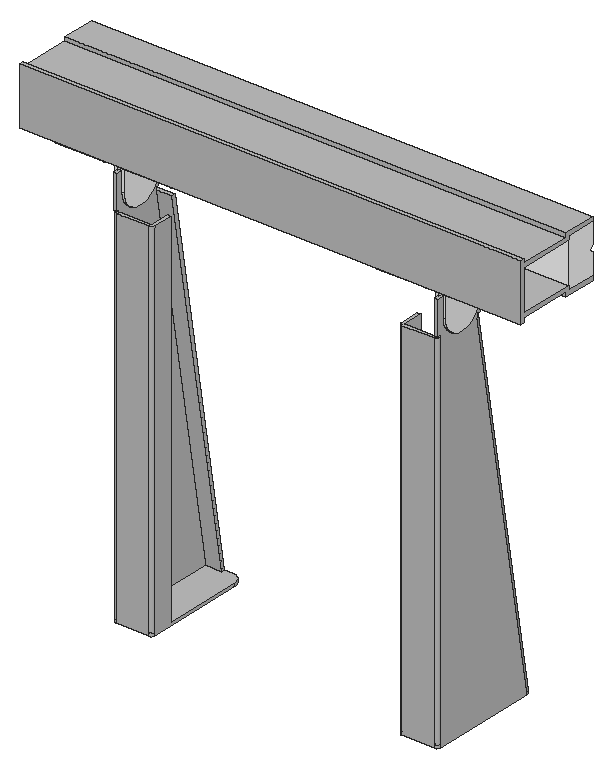
Revit family "4070742+4070746+4070772 Feilo Sylvania Lighting Fixture CURSUS 306MM 218LM OVAL LED 4K with CONTINUOUS WALL HOUSING with 250MM WALL BRACKET", category Lighting Fixtures, host Face, Revit 2017
Family settings
  Host = Face
  Round Connector Dimension = Use Diameter
  Part Type = Normal
  OmniClass Number = 23.80.70.14
  OmniClass Title = Luminaries for External Lighting
  Cut with Voids When Loaded = Yes
  Light Source = No
  Shared = No
  Room Calculation Point = No
Parameters (values of type "4070742 CURSUS 306MM 218LM OVAL LED 4K")
  Weight = "0.6 kg"
  Wattage Comments = "n/a"
  WarrantyStartDate [instance] = "n/a"
  WarrantyGuarantorParts = "n/a"
  WarrantyDurationUnit = "n/a"
  WarrantyDurationParts = "n/a"
  WarrantyDescription = "n/a"
  Voltage = 24 V
  URL = "http://www.sylvania-lighting.com"
  TypeName = "CURSUS 306MM 218LM OVAL LED 4K"
  TypeFixture_FEILO = CURSUS with CONTINUOUS WALL HOUSING : CURSUS 306MM 218LM OVAL LED 4K
  Type Image = <None>
  Type Comments = "n/a"
  TiltAngle [instance] = 0.00°
  StartAngle [instance] = TiltAngle + 270.00°  # 270.00°
  SerialNumber [instance] = "n/a"
  ReflectorMaterial = none
  PowerFactor = 0
  PowerConsumption = "4.5 W"
  NominalLength = 306 mm
  NominalHeight = 50 mm
  NominalDepth = 30 mm
  Name = "CURSUS 306MM 218LM OVAL LED 4K"
  ModelReference = Name  # "CURSUS 306MM 218LM OVAL LED 4K"
  ModelNumber = "4070742"
  Model = Name  # "CURSUS 306MM 218LM OVAL LED 4K"
  Material = "natural anodised extruded aluminium structure housing, optical system with pmma lenses diffuser"
  ManufacturerName = "Feilo Sylvania"
  Manufacturer = "Feilo Sylvania"
  LuminousEfficacy = "48.44 lm/W"
  LuminaireType = ""
  LightOutputRatio = "100"
  LampsType = Lamp  # "LED"
  LampNominalLuminous = "218 lm"
  LampMacAdamStep = "n/a"
  LampColourTemperature = "4000 K"
  LampColourRenderingIndex = "80"
  Lamp = "LED"
  Keynote = "16500"
  InstallationDate [instance] = "n/a"
  InputVoltage = "24V DC"
  InputNominalFrequency = "n/a"
  IngressProtection = "IP67"
  ImpactProtectionIndex = "IK07"
  IfcExportType = "IfcLightFixtureType"
  IfcExportAs = "IfcLightFixtureType"
  ExpectedLife = 50000
  EndAngle [instance] = StartAngle - 180.00°  # 90.00°
  ElectricShockClassification = "Class III"
  DurationUnit = "hours"
  DocumentationLiterature = "http://www.sylvania-lighting.com/product/en-int/products/4070742"
  DimmingControlOptions = "n/a"
  DiffuserMaterial = Diffuser-Sylvania-Glow
  Description = "LED Exterior Lighting Recessed Surface Mounted Linear Fixture, Natural anodised extruded aluminium structure. Die-cast aluminium end caps. Installation kit with harmonic steel springs., 218 lm, 4,5W,  48lm/W, 4000K, CRI80+,non dimmable,IP67, IK07, (HxWxD) 306x50x30mm, 3 step Mac Adam Ellipse, 0.6kg,, Classe III, 21-25V-DC, energy class : A++, A+, A"
  Default Elevation = 1219.2 mm
  CreatedOn = "1/8/2018"
  CreatedBy = ""
  Cost = 0
  built-in parameter 1114216 [instance] = (empty or 0)
  ClassificationValue = "EF_70_80"
  ClassificationName = "Uniclass2015"
  BracketWidth = 24 mm
  BracketThickness = 2 mm
  BracketHeightEnd = 32 mm
  BracketHeight = 70 mm
  BracketFlange = BracketHeight / 5  # 14 mm
  BracketExtension = 250 mm
  BracketEndReduction = 25 mm
  BracketC = 22 mm  # constant formula
  BracketDistance = 175 mm
  BracketD = BracketHeightEnd - (BracketC * (BracketHeight - BracketHeightEnd) / (BracketExtension - BracketEndReduction))  # 28.284 mm
  BodyMaterial = Body-Sylvania-Gray
  BarCode [instance] = "n/a"
  AssetType = "Fixed"
  AssetIdentifier [instance] = "n/a"
  Assembly Code = "D5020200"
  Apparent Load = 4.5 VA
  AccessoryMaterial = Diffuser-Sylvania-Glow
Reference planes
  plane 1 "Center (Front/Back)": y = 0
  plane 2: z = 0
  plane 3 "Center (Left/Right)": x = 0
  plane 4: x = -99.5
  plane 5: x = 99.5
  plane 6: y = 70
  plane 7: x = -75.5
  plane 8: x = 75.5
  plane 9: z = 250
  plane 10: z = 236
  plane 11: z = 2
  plane 12: z = 225
  plane 13: x = -97.5
  plane 14: y = 68
  plane 15: y = 2
  plane 16: x = -77.5
  plane 17: x = 77.5
  plane 18: x = 97.5
  plane 19: x = -87.5
  plane 20: x = 87.5
  plane 21: y = 14
  plane 22: y = 32
  plane 23: y = 30
  plane 24: z = 247
  plane 25: y = 28.284
  plane 26: y = 16
Forms (mm)
  Blend 1, solid, material "Body-Sylvania-Gray" <- "BodyMaterial"
    base sketch origin (1223.4, -4572, 2) x (0, -1, 0) y (1, 0, 0)
      loop
        line (-4640, -1310.9) -> (-4642, -1310.9) -> (-4642, -1320.9)
        arc (-4642, -1320.9) -> (-4641.414, -1322.314) -> (-4640, -1322.9) r 2
        line (-4640, -1322.9) -> (-4574, -1322.9)
        arc (-4574, -1322.9) -> (-4572.586, -1322.314) -> (-4572, -1320.9) r 2
        line (-4572, -1320.9) -> (-4572, -1300.9)
        arc (-4572, -1300.9) -> (-4572.586, -1299.486) -> (-4574, -1298.9) r 2
        line (-4574, -1298.9) -> (-4586, -1298.9) -> (-4586, -1300.9) -> (-4574, -1300.9) -> (-4574, -1320.9) -> (-4640, -1320.9) -> (-4640, -1310.9)
    top sketch origin (1223.4, -4572, 2) x (0, -1, 0) y (1, 0, 0)
      loop
        line (-4586, -1300.9) -> (-4574, -1300.9) -> (-4574, -1320.9) -> (-4602, -1320.9) -> (-4602, -1310.9) -> (-4604, -1310.9) -> (-4604, -1320.9)
        arc (-4604, -1320.9) -> (-4603.52, -1322.21) -> (-4602.309, -1322.9) r 2.028
        line (-4602.309, -1322.9) -> (-4574, -1322.9)
        arc (-4574, -1322.9) -> (-4572.586, -1322.314) -> (-4572, -1320.9) r 2
        line (-4572, -1320.9) -> (-4572, -1300.9)
        arc (-4572, -1300.9) -> (-4572.586, -1299.486) -> (-4574, -1298.9) r 2
        line (-4574, -1298.9) -> (-4586, -1298.9) -> (-4586, -1300.9)
    from 0 to 223
  Extrusion 2, solid, material "Body-Sylvania-Gray" <- "BodyMaterial"
    sketch origin (0, 0, 0) x (1, 0, 0) y (0, 1, 0)
      loop
        arc (-97.5, 70) -> (-98.914, 69.414) -> (-99.5, 68) r 2
        line (-99.5, 68) -> (-99.5, 2)
        arc (-99.5, 2) -> (-98.914, 0.586) -> (-97.5, 0) r 2
        line (-97.5, 0) -> (-77.5, 0)
        arc (-77.5, 0) -> (-76.086, 0.586) -> (-75.5, 2) r 2
        line (-75.5, 2) -> (-75.5, 62.5)
        arc (-75.5, 62.5) -> (-77.697, 67.803) -> (-83, 70) r 7.5
        line (-83, 70) -> (-97.5, 70)
      loop
        line (97.5, 70) -> (83, 70)
        arc (83, 70) -> (77.697, 67.803) -> (75.5, 62.5) r 7.5
        line (75.5, 62.5) -> (75.5, 2)
        arc (75.5, 2) -> (76.086, 0.586) -> (77.5, 0) r 2
        line (77.5, 0) -> (97.5, 0)
        arc (97.5, 0) -> (98.914, 0.586) -> (99.5, 2) r 2
        line (99.5, 2) -> (99.5, 68)
        arc (99.5, 68) -> (98.914, 69.414) -> (97.5, 70) r 2
    from 0 to 2
  Blend 3, solid, material "Body-Sylvania-Gray" <- "BodyMaterial"
    base sketch origin (1223.4, -4572, 2) x (0, -1, 0) y (1, 0, 0)
      loop
        line (-4640, -1125.9) -> (-4574, -1125.9) -> (-4574, -1145.9) -> (-4586, -1145.9) -> (-4586, -1147.9) -> (-4574, -1147.9)
        arc (-4574, -1147.9) -> (-4572.586, -1147.314) -> (-4572, -1145.9) r 2
        line (-4572, -1145.9) -> (-4572, -1125.9)
        arc (-4572, -1125.9) -> (-4572.586, -1124.486) -> (-4574, -1123.9) r 2
        line (-4574, -1123.9) -> (-4640, -1123.9)
        arc (-4640, -1123.9) -> (-4641.414, -1124.486) -> (-4642, -1125.9) r 2
        line (-4642, -1125.9) -> (-4642, -1135.9) -> (-4640, -1135.9) -> (-4640, -1125.9)
    top sketch origin (1223.4, -4572, 2) x (0, -1, 0) y (1, 0, 0)
      loop
        line (-4602, -1135.9) -> (-4602, -1125.9) -> (-4574, -1125.9) -> (-4574, -1145.9) -> (-4586, -1145.9) -> (-4586, -1147.9) -> (-4574, -1147.9)
        arc (-4574, -1147.9) -> (-4572.586, -1147.314) -> (-4572, -1145.9) r 2
        line (-4572, -1145.9) -> (-4572, -1125.9)
        arc (-4572, -1125.9) -> (-4572.586, -1124.486) -> (-4574, -1123.9) r 2
        line (-4574, -1123.9) -> (-4602, -1123.9)
        arc (-4602, -1123.9) -> (-4603.414, -1124.486) -> (-4604, -1125.9) r 2
        line (-4604, -1125.9) -> (-4604, -1135.9) -> (-4602, -1135.9)
    from 0 to 223
  Blend 4, solid, material "Body-Sylvania-Gray" <- "BodyMaterial"
    base sketch origin (1223.4, -4572, 225) x (0, -1, 0) y (1, 0, 0)
      loop
        line (-4604, -1322.9) -> (-4572, -1322.9) -> (-4572, -1320.9) -> (-4604, -1320.9) -> (-4604, -1322.9)
    top sketch origin (1223.4, -4572, 225) x (0, -1, 0) y (1, 0, 0)
      loop
        line (-4572, -1322.9) -> (-4572, -1320.9) -> (-4600.284, -1320.9) -> (-4600.284, -1322.9) -> (-4572, -1322.9)
    from 0 to 22
  Blend 5, solid, material "Body-Sylvania-Gray" <- "BodyMaterial"
    base sketch origin (1223.4, -4572, 225) x (0, -1, 0) y (1, 0, 0)
      loop
        line (-4604, -1125.9) -> (-4572, -1125.9) -> (-4572, -1123.9) -> (-4604, -1123.9) -> (-4604, -1125.9)
    top sketch origin (1223.4, -4572, 225) x (0, -1, 0) y (1, 0, 0)
      loop
        line (-4572, -1123.9) -> (-4600.284, -1123.9) -> (-4600.284, -1125.9) -> (-4572, -1125.9) -> (-4572, -1123.9)
    from 0 to 22
  Extrusion 6, void
    sketch origin (0, 0, 0) x (0, 1, 0) y (0, 0, 1)
      loop
        line (0, 225) -> (2, 225) -> (2, 226.5) -> (0, 226.5) -> (0, 225)
      loop
        line (32, 225) -> (32, 226.5) -> (30, 226.5) -> (30, 225) -> (32, 225)
    from -99.5 to 99.5
  Revolve 7, solid, not visible
    sketch origin (1524, 16, 1219.2) x (1, 0, 0) y (0, 0, 1)
      loop
        line (-1524, -972.2) -> (-1524, -983.2) -> (-1436.5, -983.2) -> (-1436.5, -972.2) -> (-1524, -972.2)
      axis (-1436.5, -983.2) -> (-1524, -983.2)
    angle from 270 <- "StartAngle" to 90 <- "EndAngle"
Cuts and joins
  Extrusion 6 cuts Blend 4
  Extrusion 6 cuts Blend 5
  joined: Blend 1, Extrusion 2, Blend 3, Blend 4, Blend 5
Lines and regions (mm)
  reference lines, not visible
    curve 1: line (-75.5, 16, 236) -> (75.5, 16, 236)
Dimensions and locks
  equal spacing: plane 4, plane 3 "Center (Left/Right)", plane 5
  "BracketDistance": plane 19 to plane 20
  "BracketHeight": plane 1 "Center (Front/Back)" to plane 6
  equal spacing: plane 7, plane 3 "Center (Left/Right)", plane 8
  "BracketWidth": plane 4 to plane 7
  "BracketExtension": plane 9 to plane 2
  "BracketThickness": plane 11 to plane 2
  "BracketEndReduction": plane 9 to plane 12
  equal spacing: plane 13, plane 3 "Center (Left/Right)", plane 18
  equal spacing: plane 16, plane 3 "Center (Left/Right)", plane 17
  "BracketThickness": plane 4 to plane 13
  "BracketThickness": plane 16 to plane 7
  "BracketThickness": plane 14 to plane 6
  "BracketThickness": plane 1 "Center (Front/Back)" to plane 15
  equal spacing: plane 4, plane 19, plane 7
  equal spacing: plane 8, plane 20, plane 5
  "BracketFlange": plane 1 "Center (Front/Back)" to plane 21
  "BracketHeightEnd": plane 1 "Center (Front/Back)" to plane 22
  "BracketThickness": plane 23 to plane 22
  locked: Extrusion 2 sketch curve to plane 7 at 7.5
  locked: Extrusion 2 sketch curve to plane 6 at 7.5  (x2)
  locked: plane 8 to Extrusion 2 sketch curve at 7.5
  "BracketC": plane 24 to plane 12
  "BracketD": plane 1 "Center (Front/Back)" to plane 25
  locked: plane 12 to Extrusion 6 sketch curve at 1.5
  equal spacing: plane 24, plane 10, plane 12
  equal spacing: plane 1 "Center (Front/Back)", plane 26, plane 22
  aligned and locked: plane 2 to host face
  aligned and locked: level to host face
  aligned and locked: plane 4 to Blend 1 sketch curve  (x2)
  aligned and locked: plane 13 to Blend 1 sketch curve  (x3)
  aligned and locked: Blend 1 sketch curve to plane 15
  aligned and locked: Blend 1 sketch curve to plane 16
  aligned and locked: Blend 1 sketch curve to plane 21
  aligned and locked: plane 7 to Blend 1 sketch curve
  aligned and locked: plane 16 to Blend 1 sketch curve
  aligned and locked: plane 1 "Center (Front/Back)" to Blend 1 sketch curve
  aligned and locked: plane 14 to Blend 1 sketch curve
  aligned and locked: Blend 1 sketch curve to var sketch  (x6)
  aligned and locked: Blend 1 sketch curve to plane 19
  aligned and locked: Blend 1 sketch curve to plane 22
  aligned and locked: plane 23 to Blend 1 sketch curve
  aligned and locked: plane 11 to Blend 1
  aligned and locked: Extrusion 2 sketch curve to Blend 1  (x3)
  aligned and locked: Extrusion 2 to level
  aligned and locked: Extrusion 2 to plane 11
  aligned and locked: Extrusion 2 sketch curve to plane 7
  aligned and locked: plane 18 to Blend 3 sketch curve  (x4)
  aligned and locked: plane 14 to Blend 3 sketch curve  (x2)
  aligned and locked: Blend 3 sketch curve to plane 20
  aligned and locked: Blend 3 sketch curve to plane 6
  aligned and locked: plane 5 to Blend 3 sketch curve
  aligned and locked: plane 1 "Center (Front/Back)" to Blend 3 sketch curve
  aligned and locked: plane 15 to Blend 3 sketch curve  (x2)
  aligned and locked: Blend 3 sketch curve to plane 8
  aligned and locked: Blend 3 sketch curve to plane 21
  aligned and locked: plane 17 to Blend 3 sketch curve
  aligned and locked: Blend 3 sketch curve to plane 18
  aligned and locked: plane 20 to Blend 3 sketch curve  (x2)
  aligned and locked: Blend 3 sketch curve to plane 23
  aligned and locked: Blend 3 sketch curve to var sketch  (x8)
  aligned and locked: var sketch to Blend 3 sketch curve
  aligned and locked: plane 22 to Blend 3 sketch curve
  aligned and locked: plane 11 to Blend 3
  aligned and locked: Extrusion 2 sketch curve to Blend 3  (x4)
  aligned and locked: Blend 1 to plane 12
  aligned and locked: Blend 3 to plane 12
  aligned and locked: Blend 4 sketch curve to plane 22
  aligned and locked: Blend 4 sketch curve to cut or joined group of Blend 1, Extrusion 2, Blend 3, Blend 4, Blend 5, Extrusion 6  (x2)
  aligned and locked: cut or joined group of Blend 1, Extrusion 2, Blend 3, Blend 4, Blend 5, Extrusion 6 to Blend 4 sketch curve
  aligned and locked: Blend 4 sketch curve to var sketch  (x2)
  aligned and locked: Blend 4 sketch curve to plane 13
  aligned and locked: Blend 4 to plane 24
  aligned and locked: Blend 4 sketch curve to plane 25
  aligned and locked: Blend 5 sketch curve to plane 18  (x2)
  aligned and locked: plane 1 "Center (Front/Back)" to Blend 5 sketch curve
  aligned and locked: plane 5 to Blend 5 sketch curve
  aligned and locked: plane 22 to Blend 5 sketch curve
  aligned and locked: Blend 5 sketch curve to var sketch
  aligned and locked: var sketch to Blend 5 sketch curve
  aligned and locked: Blend 5 sketch curve to plane 25
  aligned and locked: Blend 5 to plane 24
  aligned and locked: plane 12 to Blend 5
  aligned and locked: Extrusion 6 sketch curve to cut or joined group of Blend 1, Extrusion 2, Blend 3, Blend 4, Blend 5, Extrusion 6  (x2)
  aligned and locked: Extrusion 6 sketch curve to Extrusion 6 sketch curve
  aligned and locked: Extrusion 6 sketch curve to plane 15
  aligned and locked: plane 5 to Extrusion 6
  aligned and locked: Extrusion 6 to plane 4
  aligned and locked: Extrusion 6 sketch curve to plane 23
  aligned and locked: Revolve 7 sketch curve to plane 10  (x2)
  aligned and locked: plane 24 to Revolve 7 sketch curve
  aligned and locked: plane 3 "Center (Left/Right)" to Revolve 7 sketch curve
  aligned and locked: Revolve 7 sketch curve to plane 20
  aligned and locked: plane 7 to curve 1
  aligned and locked: plane 10 to curve 1
  aligned and locked: nested 1 to plane 5
  aligned and locked: nested 2 to plane 4
  aligned and locked: nested 1 to curve 1
  aligned and locked: nested 2 to curve 1
  aligned and locked: nested 3 to plane 3 "Center (Left/Right)"
  aligned and locked: nested 1 to nested 3
Automatic sketch dimensions
  host sketch curve to host sketch curve = 2438.4 mm  (x2)
  Blend 1 sketch curve to plane 13 = 0 mm
  plane 15 to Blend 1 sketch curve = 0 mm  (x3)
  Blend 1 sketch curve to plane 23 = 0.309 mm
  plane 6 to Blend 1 sketch curve = 0 mm
  plane 14 to Blend 1 sketch curve = 0 mm
  Blend 1 sketch curve to plane 19 = 0 mm
  Blend 3 sketch curve to plane 17 = 0 mm
  Extrusion 6 sketch curve to plane 1 "Center (Front/Back)" = 0 mm
  plane 12 to Extrusion 6 sketch curve = 0 mm
  Revolve 7 sketch curve to plane 4 = 1153 mm
  plane 5 to Revolve 7 sketch curve = 1161.4 mm
  curve 1 to plane 8 = 0 mm
Nested families
  nested 1: "MountingPlate" at (98.5, 16, 236) x (-1, 0, 0) z (0, 0, 1), type "MountingPlate"
  nested 2: "MountingPlate" at (-98.5, 16, 236) x (-1, 0, 0) z (0, 0, 1), type "MountingPlate"
  nested 3: "CURSUS with CONTINUOUS WALL HOUSING" at (0, -4, 254) x (-1, 0, 0) z (0, 0, 1), type <- "TypeFixture_FEILO", type "CURSUS 306MM 218LM OVAL LED 4K"
    with WarrantyStartDate "n/a", SerialNumber "n/a", InstallationDate "n/a", EndCapRight no, EndCapLeft no, built-in parameter 1114216 (empty or 0), BarCode "n/a", AssetIdentifier "n/a"
Connectors
  electrical at (0, 0, 0), driven by "Voltage", driven by "Apparent Load", driven by "PowerFactor"
    settings: index 1, voltage 24 V, apparent load 4.5 VA, apparent load phase1 0 VA, apparent load phase2 0 VA, apparent load phase3 0 VA, power factor 0, load classification "Other", number of poles 1, system type 30, power factor state 1, is connector primary yes, connector utility no, sub classification motor no, connector description ""
Definition of nested family "MountingPlate"
  Parameters (values of type "MountingPlate")
    URL = "http://www.feilosylvania.com"
    Type Comments = "n/a"
    ReflectorMaterial = none
    MountingPlateWidth = 76 mm
    MountingPlateThickness = 2 mm
    MountingPlateRadiusBack = 12 mm
    MountingPlateRadius = 3 mm
    MountingPlateHeight = 35 mm
    Model = "n/a"
    Manufacturer = "Feilo Sylvania"
    Keynote = "n/a"
    DiffuserMaterial = none
    Description = "n/a"
    Default Elevation = 1219.2 mm
    Cost = 0
    BodyMaterial = none
    Assembly Code = "n/a"
    AccessoryMaterial = none
  Reference planes
    plane 1 "Center (Front/Back)": y = 0
    plane 2: z = 0
    plane 3 "Center (Left/Right)": x = 0
    plane 4: x = -38
    plane 5: x = 38
    plane 6: y = 17.5
    plane 7: y = -17.5
    plane 8: x = -3
    plane 9: x = 3
    plane 10: z = 18
    plane 11: z = 16
    plane 12: y = 12.5
    plane 13: y = -12.5
    plane 14: x = -1
    plane 15: x = 1
    plane 16: z = -12.5
    plane 17: z = -14.5
  Forms (mm)
    Extrusion 1, solid
      sketch origin (1.653, 0, 0) x (1, 0, 0) y (0, 1, 0)
        loop
          line (-1219.2, 1219.2) -> (-1219.2, -1219.2) -> (1219.2, -1219.2) -> (1219.2, 1219.2) -> (-1219.2, 1219.2)
      from 0 to -304.8
    Extrusion 2, solid, material <- "BodyMaterial"
      sketch origin (1218.4, -4572, 16) x (0, -1, 0) y (-1, 0, 0)
        loop
          line (-4589.5, 1253.4) -> (-4589.5, 1224.4)
          arc (-4589.5, 1224.4) -> (-4588.621, 1222.279) -> (-4586.5, 1221.4) r 3
          line (-4586.5, 1221.4) -> (-4557.5, 1221.4)
          arc (-4557.5, 1221.4) -> (-4555.379, 1222.279) -> (-4554.5, 1224.4) r 3
          line (-4554.5, 1224.4) -> (-4554.5, 1253.4)
          arc (-4554.5, 1253.4) -> (-4555.379, 1255.521) -> (-4557.5, 1256.4) r 3
          line (-4557.5, 1256.4) -> (-4586.5, 1256.4)
          arc (-4586.5, 1256.4) -> (-4588.621, 1255.521) -> (-4589.5, 1253.4) r 3
        loop
          arc (-4589.5, 1183.4) -> (-4588.621, 1181.279) -> (-4586.5, 1180.4) r 3
          line (-4586.5, 1180.4) -> (-4557.5, 1180.4)
          arc (-4557.5, 1180.4) -> (-4555.379, 1181.279) -> (-4554.5, 1183.4) r 3
          line (-4554.5, 1183.4) -> (-4554.5, 1212.4)
          arc (-4554.5, 1212.4) -> (-4555.379, 1214.521) -> (-4557.5, 1215.4) r 3
          line (-4557.5, 1215.4) -> (-4586.5, 1215.4)
          arc (-4586.5, 1215.4) -> (-4588.621, 1214.521) -> (-4589.5, 1212.4) r 3
          line (-4589.5, 1212.4) -> (-4589.5, 1183.4)
      from 0 to -2
    Extrusion 3, solid, material <- "BodyMaterial"
      sketch origin (0, 0, 0) x (1, 0, 0) y (0, 0, 1)
        loop
          line (-3, 18) -> (-3, -12.5) -> (-1, -12.5) -> (-1, 16)
          arc (-1, 16) -> (-1.586, 17.414) -> (-3, 18) r 2
        loop
          line (3, -12.5) -> (3, 18)
          arc (3, 18) -> (1.586, 17.414) -> (1, 16) r 2
          line (1, 16) -> (1, -12.5) -> (3, -12.5)
      from -12.5 to 12.5
    Extrusion 4, void
      sketch origin (0, 0, 0) x (0, 1, 0) y (0, 0, 1)
        loop
          line (-12.5, -0.5) -> (-17.5, -0.5) -> (-17.5, -14.5) -> (-0.5, -14.5) -> (-0.5, -12.5)
          arc (-0.5, -12.5) -> (-8.985, -8.985) -> (-12.5, -0.5) r 12
        loop
          line (0.5, -12.5) -> (0.5, -14.5) -> (17.5, -14.5) -> (17.5, -0.5) -> (12.5, -0.5)
          arc (12.5, -0.5) -> (8.985, -8.985) -> (0.5, -12.5) r 12
      from -3 to 3
  Cuts and joins
    Extrusion 4 cuts Extrusion 2
    Extrusion 4 cuts Extrusion 3
    joined: Extrusion 2, Extrusion 3
  Lines and regions (mm)
    reference lines
      curve 1: line (-38, 0, 0) -> (38, 0, 0)
  Dimensions and locks
    equal spacing: plane 4, plane 3 "Center (Left/Right)", plane 5
    "MountingPlateWidth": plane 4 to plane 5
    equal spacing: plane 7, plane 1 "Center (Front/Back)", plane 6
    "MountingPlateHeight": plane 7 to plane 6
    equal spacing: plane 8, plane 3 "Center (Left/Right)", plane 9
    "MountingPlateHeight": plane 4 to plane 8
    locked: plane 10 to plane 2 at 18
    "MountingPlateThickness": plane 10 to plane 11
    equal spacing: plane 13, plane 1 "Center (Front/Back)", plane 12
    locked: plane 13 to plane 12 at 25
    "MountingPlateRadius": plane 4 to Extrusion 2 sketch curve  (x2)
    "MountingPlateRadius": Extrusion 2 sketch curve to plane 6  (x4)
    "MountingPlateRadius": Extrusion 2 sketch curve to plane 8  (x2)
    "MountingPlateRadius": plane 7 to Extrusion 2 sketch curve  (x4)
    "MountingPlateRadius": plane 9 to Extrusion 2 sketch curve  (x2)
    "MountingPlateRadius": Extrusion 2 sketch curve to plane 5  (x2)
    equal spacing: plane 15, plane 3 "Center (Left/Right)", plane 14
    "MountingPlateThickness": plane 14 to plane 8
    locked: plane 2 to plane 16 at 12.5
    locked: plane 17 to plane 16 at 2
    "MountingPlateRadiusBack": plane 13 to Extrusion 4 sketch curve
    "MountingPlateRadiusBack": plane 16 to Extrusion 4 sketch curve  (x2)
    "MountingPlateRadiusBack": Extrusion 4 sketch curve to plane 12
    aligned and locked: plane 2 to Extrusion 1
    aligned and locked: level to Extrusion 1
    aligned and locked: Extrusion 2 sketch curve to plane 6
    aligned and locked: Extrusion 2 sketch curve to plane 4
    aligned and locked: plane 7 to Extrusion 2 sketch curve
    aligned and locked: plane 8 to Extrusion 2 sketch curve
    aligned and locked: plane 6 to Extrusion 2 sketch curve
    aligned and locked: Extrusion 2 sketch curve to plane 5
    aligned and locked: Extrusion 2 sketch curve to plane 7
    aligned and locked: plane 9 to Extrusion 2 sketch curve
    aligned and locked: Extrusion 2 to plane 10
    aligned and locked: plane 11 to Extrusion 2
    aligned and locked: Extrusion 3 sketch curve to Extrusion 2  (x2)
    aligned and locked: plane 16 to Extrusion 3 sketch curve  (x2)
    aligned and locked: plane 14 to Extrusion 3 sketch curve
    aligned and locked: plane 9 to Extrusion 3 sketch curve
    aligned and locked: plane 15 to Extrusion 3 sketch curve
    aligned and locked: Extrusion 3 to plane 12
    aligned and locked: plane 13 to Extrusion 3
    aligned and locked: plane 17 to Extrusion 4 sketch curve  (x2)
    aligned and locked: Extrusion 4 sketch curve to plane 7
    aligned and locked: Extrusion 4 sketch curve to plane 6
    aligned and locked: plane 9 to Extrusion 4
    aligned and locked: Extrusion 4 to plane 8
    aligned and locked: plane 4 to curve 1
    aligned and locked: curve 1 to level
  Automatic sketch dimensions
    Extrusion 1 sketch curve to Extrusion 1 sketch curve = 2438.4 mm  (x2)
    Extrusion 3 sketch curve to plane 11 = 0 mm
    curve 1 to plane 5 = 0 mm
    Extrusion 4 sketch curve to plane 13 = 0 mm
    Extrusion 4 sketch curve to plane 12 = 0 mm
Definition of nested family "CURSUS with CONTINUOUS WALL HOUSING"
  Parameters (values of type "CURSUS 1161MM 827LM OVAL LED 3K")
    Width_FEILO = 35 mm
    Weight = "2.2 kg"
    Wattage Comments = "n/a"
    Wattage = 18 W
    WarrantyStartDate [instance] = "n/a"
    WarrantyGuarantorParts = "n/a"
    WarrantyDurationUnit = "n/a"
    WarrantyDurationParts = "n/a"
    WarrantyDescription = "n/a"
    WallThickness_FEILO = 2.5 mm
    built-in parameter 1150110 = 1 (stored number, unit not read)
    Voltage = 24 V
    URL = "http://www.feilosylvania.com"
    TypeName = "CURSUS 1161MM 827LM OVAL LED 3K"
    Type Image = (empty or 0)
    Type Comments = "n/a"
    built-in parameter 1114217 = 1 (stored number, unit not read)
    Tilt Angle = -90.00°
    built-in parameter 1150109 = 1 (stored number, unit not read)
    built-in parameter 1150134 = (empty or 0)
    built-in parameter 1150113 = 1 (stored number, unit not read)
    SerialNumber [instance] = "n/a"
    ReflectorMaterial = none
    PowerFactor = 0
    PowerConsumption = "18 W"
    Photometric Web File = "4070765.ies"
    NominalLength = 1161 mm
    NominalHeight = 50 mm
    NominalDepth = 30 mm
    Name = "CURSUS 1161MM 827LM OVAL LED 3K"
    ModelReference = Name  # "CURSUS 1161MM 827LM OVAL LED 3K"
    ModelNumber = ""
    Model = Name  # "CURSUS 1161MM 827LM OVAL LED 3K"
    Material = "natural anodised extruded aluminium structure housing, optical system with pmma lenses diffuser"
    ManufacturerName = "Feilo Sylvania"
    Manufacturer = "Feilo Sylvania"
    LuminousEfficacy = "45.94 lm/W"
    built-in parameter 1150105 = 65.811 (stored number, unit not read)
    Lumens = 827 lm
    LuminaireType = ""
    built-in parameter 1150115 = 1 (stored number, unit not read)
    LightOutputRatio = "100"
    built-in parameter 1150137 = (empty or 0)
    built-in parameter 1150139 = (empty or 0)
    Length_FEILO = 1167 mm
    LampsType = Lamp  # "LED"
    LampNominalLuminous = "827 lm"
    LampMacAdamStep = "n/a"
    LampColourTemperature = "3000 K"
    LampColourRenderingIndex = "80"
    built-in parameter 1150112 = 1 (stored number, unit not read)
    built-in parameter 1150114 = 1 (stored number, unit not read)
    Lamp = "LED"
    Keynote = "16500"
    InstallationDate [instance] = "n/a"
    InputVoltage = "24V DC"
    InputNominalFrequency = "n/a"
    built-in parameter 1150132 = (empty or 0)
    built-in parameter 1150102 = (empty or 0)
    built-in parameter 1150107 = 3000 (stored number, unit not read)
    built-in parameter 1150138 = (empty or 0)
    IngressProtection = "IP67"
    ImpactProtectionIndex = "IK07"
    built-in parameter 1150106 = 0.65811 (stored number, unit not read)
    IfcExportType = "IfcLightFixtureType"
    IfcExportAs = "IfcLightFixtureType"
    ExpectedLife = 50000
    EndCapRight [instance] = no
    EndCapLeft [instance] = no
    Emit from Rectangle Width = Width_FEILO - WallThickness_FEILO * 2  # 30 mm
    Emit from Rectangle Length = Length_FEILO - WallThickness_FEILO * 2  # 1162 mm
    Emit Shape Visible in Rendering = no
    ElectricShockClassification = "Class III"
    built-in parameter 1150104 = 4.2684 (stored number, unit not read)
    DurationUnit = "hours"
    DocumentationLiterature = "http://www.feilosylvania.com/product/en-int/products/4070765"
    DimmingControlOptions = "n/a"
    Dimming Lamp Color Temperature Shift = (empty or 0)
    DiffuserMaterial = none
    Description = "LED Exterior Lighting Recessed Surface Mounted Linear Fixture, Natural anodised extruded aluminium structure. Die-cast aluminium end caps. Installation kit with harmonic steel springs., 827 lm, 18W, 45lm/W, 3000K, CRI80+,non dimmable,IP67, IK07, (HxWxD) 1161x50x30mm, 3 step Mac Adam Ellipse, 2.2kg,, Classe III, 21-25V-DC, energy class : A++, A+, A"
    Default Elevation = 1219.2 mm
    CreatedOn = "1/8/2018"
    CreatedBy = "aron.fodor@feilosylvania.com"
    Cost = 0
    Color Filter = 16777215
    built-in parameter 1114216 [instance] = (empty or 0)
    ClassificationValue = "EF_70_80"
    ClassificationName = "Uniclass2015"
    BodyMaterial = none
    BarCode [instance] = "n/a"
    built-in parameter 1114218 = 1 (stored number, unit not read)
    built-in parameter 1150133 = 10 (stored number, unit not read)
    AssetType = "Fixed"
    AssetIdentifier [instance] = "n/a"
    Assembly Code = "D5020200"
    Apparent Load = 18 VA
    AccessoryMaterial = none
  Types (16, lengths in mm): name | Weight | Wattage | Voltage | TypeName | built-in parameter 1150134 | PowerConsumption | Photometric Web File | NominalLength | Name | ModelReference | Model | Material | LuminousEfficacy | built-in parameter 1150105 | Lumens | Length_FEILO | LampNominalLuminous | LampColourTemperature | InputVoltage | InputNominalFrequency | built-in parameter 1150107 | built-in parameter 1150106 | Emit from Rectangle Length | built-in parameter 1150104 | DocumentationLiterature | Description | Apparent Load
    CURSUS 1161MM 827LM OVAL LED 3K | "2.2 kg" | 18 W | 24 V | "CURSUS 1161MM 827LM OVAL LED 3K" | (empty or 0) | "18 W" | "4070765.ies" | 1161 | "CURSUS 1161MM 827LM OVAL LED 3K" | "CURSUS 1161MM 827LM OVAL LED 3K" | "CURSUS 1161MM 827LM OVAL LED 3K" | "natural anodised extruded aluminium structure housing, optical system with pmma lenses diffuser" | "45.94 lm/W" | 65.811 (stored number, unit not read) | 827 lm | 1167 | "827 lm" | "3000 K" | "24V DC" | "n/a" | 3000 (stored number, unit not read) | 0.65811 (stored number, unit not read) | 1162 | 4.2684 (stored number, unit not read) | "http://www.feilosylvania.com/product/en-int/products/4070765" | "LED Exterior Lighting Recessed Surface Mounted Linear Fixture, Natural anodised extruded aluminium structure. Die-cast aluminium end caps. Installation kit with harmonic steel springs., 827 lm, 18W, 45lm/W, 3000K, CRI80+,non dimmable,IP67, IK07, (HxWxD) 1161x50x30mm, 3 step Mac Adam Ellipse, 2.2kg,, Classe III, 21-25V-DC, energy class : A++, A+, A" | 18 VA
    CURSUS 1161MM 731LM WIDE LED 3K | "2.2 kg" | 18 W | 230 V | "CURSUS 1161MM 731LM WIDE LED 3K" | (empty or 0) | "18 W" | "4070764.ies" | 1161 | "CURSUS 1161MM 731LM WIDE LED 3K" | "CURSUS 1161MM 731LM WIDE LED 3K" | "CURSUS 1161MM 731LM WIDE LED 3K" | "natural anodised extruded aluminium structure housing" | "40.61 lm/W" | 58.171 (stored number, unit not read) | 731 lm | 1167 | "731 lm" | "3000 K" | "220-240V~" | "n/a" | 3000 (stored number, unit not read) | 0.58171 (stored number, unit not read) | 1162 | 3.7729 (stored number, unit not read) | "http://www.feilosylvania.com/product/en-int/products/4070764" | "LED Exterior Lighting Recessed Surface Mounted Linear Fixture, Natural anodised extruded aluminium structure. Die-cast aluminium end caps. Installation kit with harmonic steel springs., 731 lm, 18W, 40lm/W, 3000K, CRI80+,non dimmable,IP67, IK07, (HxWxD) 1161x50x30mm, 3 step Mac Adam Ellipse, 2.2kg,, Classe III, 21-25V-DC, energy class : A++, A+, A" | 18 VA
    CURSUS 1161MM 871LM OVAL LED 4K | "2.2 kg" | 18 W | 24 V | "CURSUS 1161MM 871LM OVAL LED 4K" | 12 | "18 W" | "4070763.ies" | 1161 | "CURSUS 1161MM 871LM OVAL LED 4K" | "CURSUS 1161MM 871LM OVAL LED 4K" | "CURSUS 1161MM 871LM OVAL LED 4K" | "natural anodised extruded aluminium structure housing, optical system with pmma lenses diffuser" | "48.38 lm/W" | 69.312 (stored number, unit not read) | 871 lm | 1167 | "871 lm" | "4000 K" | "24V DC" | "50/60 Hz" | 4000 (stored number, unit not read) | 0.69312 (stored number, unit not read) | 1162 | 4.4955 (stored number, unit not read) | "http://www.feilosylvania.com/product/en-int/products/4070763" | "LED Exterior Lighting Recessed Surface Mounted Linear Fixture, Natural anodised extruded aluminium structure. Die-cast aluminium end caps. Installation kit with harmonic steel springs., 871 lm, 18W,  48lm/W, 4000K, CRI80+,non dimmable,IP67, IK07, (HxWxD) 1161x50x30mm, 3 step Mac Adam Ellipse, 2.2kg,, Classe III, 21-25V-DC, energy class : A++, A+, A" | 18 VA
    CURSUS 1161MM 770LM WIDE LED 4K | "2.2 kg" | 18 W | 230 V | "CURSUS 1161MM 770LM WIDE LED 4K" | 12 | "18 W" | "4070762.ies" | 1161 | "CURSUS 1161MM 770LM WIDE LED 4K" | "CURSUS 1161MM 770LM WIDE LED 4K" | "CURSUS 1161MM 770LM WIDE LED 4K" | "natural anodised extruded aluminium structure housing" | "42.77 lm/W" | 61.275 (stored number, unit not read) | 770 lm | 1167 | "770 lm" | "4000 K" | "220-240V~" | "n/a" | 4000 (stored number, unit not read) | 0.61275 (stored number, unit not read) | 1162 | 3.9742 (stored number, unit not read) | "http://www.feilosylvania.com/product/en-int/products/4070762" | "LED Exterior Lighting Recessed Surface Mounted Linear Fixture, Natural anodised extruded aluminium structure. Die-cast aluminium end caps. Installation kit with harmonic steel springs., 770 lm, 18W,  42lm/W, 4000K, CRI80+,non dimmable,IP67, IK07, (HxWxD) 1161x50x30mm, 3 step Mac Adam Ellipse, 2.2kg,, Classe III, 21-25V-DC, energy class : A++, A+, A" | 18 VA
    CURSUS 876MM 620LM OVAL LED 3K | "1.7 kg" | 13.5 W | 24 V | "CURSUS 876MM 620LM OVAL LED 3K" | (empty or 0) | "13.5 W" | "4070758.ies" | 876 | "CURSUS 876MM 620LM OVAL LED 3K" | "CURSUS 876MM 620LM OVAL LED 3K" | "CURSUS 876MM 620LM OVAL LED 3K" | "natural anodised extruded aluminium structure housing, optical system with pmma lenses diffuser" | "45.92 lm/W" | 49.338 (stored number, unit not read) | 620 lm | 882 | "620 lm" | "3000 K" | "24V DC" | "50/60 Hz" | 3000 (stored number, unit not read) | 0.49338 (stored number, unit not read) | 877 | 4.2667 (stored number, unit not read) | "http://www.feilosylvania.com/product/en-int/products/4070758" | "LED Exterior Lighting Recessed Surface Mounted Linear Fixture, Natural anodised extruded aluminium structure. Die-cast aluminium end caps. Installation kit with harmonic steel springs., 620 lm, 13,5W, 45lm/W, 3000K, CRI80+,non dimmable,IP67, IK07, (HxWxD) 876x50x30mm, 3 step Mac Adam Ellipse, 1.7kg,, Classe III, 21-25V-DC, energy class : A++, A+, A" | 13.5 VA
    CURSUS 876MM 548LM WIDE LED 3K | "1.7 kg" | 13.5 W | 24 V | "CURSUS 876MM 548LM WIDE LED 3K" | (empty or 0) | "13.5 W" | "4070757.ies" | 876 | "CURSUS 876MM 548LM WIDE LED 3K" | "CURSUS 876MM 548LM WIDE LED 3K" | "CURSUS 876MM 548LM WIDE LED 3K" | "natural anodised extruded aluminium structure housing" | "40.59 lm/W" | 43.608 (stored number, unit not read) | 548 lm | 882 | "548 lm" | "3000 K" | "24V DC" | "n/a" | 3000 (stored number, unit not read) | 0.43608 (stored number, unit not read) | 877 | 3.7712 (stored number, unit not read) | "http://www.feilosylvania.com/product/en-int/products/4070757" | "LED Exterior Lighting Recessed Surface Mounted Linear Fixture, Natural anodised extruded aluminium structure. Die-cast aluminium end caps. Installation kit with harmonic steel springs., 548 lm, 13,5W, 40lm/W, 3000K, CRI80+,non dimmable,IP67, IK07, (HxWxD) 876x50x30mm, 3 step Mac Adam Ellipse, 1.7kg,, Classe III, 21-25V-DC, energy class : A++, A+, A" | 13.5 VA
    CURSUS 876MM 653LM OVAL LED 4K | "1.7 kg" | 13.5 W | 24 V | "CURSUS 876MM 653LM OVAL LED 4K" | 12 | "13.5 W" | "4070756.ies" | 876 | "CURSUS 876MM 653LM OVAL LED 4K" | "CURSUS 876MM 653LM OVAL LED 4K" | "CURSUS 876MM 653LM OVAL LED 4K" | "natural anodised extruded aluminium structure housing, optical system with pmma lenses diffuser" | "48.37 lm/W" | 51.964 (stored number, unit not read) | 653 lm | 882 | "653 lm" | "4000 K" | "24V DC" | "n/a" | 4000 (stored number, unit not read) | 0.51964 (stored number, unit not read) | 877 | 4.4938 (stored number, unit not read) | "http://www.feilosylvania.com/product/en-int/products/4070756" | "LED Exterior Lighting Recessed Surface Mounted Linear Fixture, Natural anodised extruded aluminium structure. Die-cast aluminium end caps. Installation kit with harmonic steel springs., 653 lm, 13,5W,  48lm/W, 4000K, CRI80+,non dimmable,IP67, IK07, (HxWxD) 876x50x30mm, 3 step Mac Adam Ellipse, 1.7kg,, Classe III, 21-25V-DC, energy class : A++, A+, A" | 13.5 VA
    CURSUS 876MM 577LM WIDE LED 4K | "1.7 kg" | 13.5 W | 24 V | "CURSUS 876MM 577LM WIDE LED 4K" | 12 | "13.5 W" | "4070755.ies" | 876 | "CURSUS 876MM 577LM WIDE LED 4K" | "CURSUS 876MM 577LM WIDE LED 4K" | "CURSUS 876MM 577LM WIDE LED 4K" | "natural anodised extruded aluminium structure housing" | "42.74 lm/W" | 45.916 (stored number, unit not read) | 577 lm | 882 | "577 lm" | "4000 K" | "24V DC" | "n/a" | 4000 (stored number, unit not read) | 0.45916 (stored number, unit not read) | 877 | 3.9707 (stored number, unit not read) | "http://www.feilosylvania.com/product/en-int/products/4070755" | "LED Exterior Lighting Recessed Surface Mounted Linear Fixture, Natural anodised extruded aluminium structure. Die-cast aluminium end caps. Installation kit with harmonic steel springs., 577 lm, 13,5W,  42lm/W, 4000K, CRI80+,non dimmable,IP67, IK07, (HxWxD) 876x50x30mm, 3 step Mac Adam Ellipse, 1.7kg,, Classe III, 21-25V-DC, energy class : A++, A+, A" | 13.5 VA
    CURSUS 591MM 414LM OVAL LED 3K | "1.2 kg" | 9 W | 24 V | "CURSUS 591MM 414LM OVAL LED 3K" | (empty or 0) | "9 W" | "4070751.ies" | 591 | "CURSUS 591MM 414LM OVAL LED 3K" | "CURSUS 591MM 414LM OVAL LED 3K" | "CURSUS 591MM 414LM OVAL LED 3K" | "natural anodised extruded aluminium structure housing, optical system with pmma lenses diffuser" | "46 lm/W" | 32.945 (stored number, unit not read) | 414 lm | 597 | "414 lm" | "3000 K" | "24V DC" | "n/a" | 3000 (stored number, unit not read) | 0.32945 (stored number, unit not read) | 592 | 4.2735 (stored number, unit not read) | "http://www.feilosylvania.com/product/en-int/products/4070751" | "LED Exterior Lighting Recessed Surface Mounted Linear Fixture, Natural anodised extruded aluminium structure. Die-cast aluminium end caps. Installation kit with harmonic steel springs., 414 lm, 9W, 46lm/W, 3000K, CRI80+,non dimmable,IP67, IK07, (HxWxD) 591x50x30mm, 3 step Mac Adam Ellipse, 1.2kg,, Classe III, 21-25V-DC, energy class : A++, A+, A" | 9 VA
    CURSUS 591MM 365LM WIDE LED 3K | "1.2 kg" | 9 W | 24 V | "CURSUS 591MM 365LM WIDE LED 3K" | (empty or 0) | "9 W" | "4070750.ies" | 591 | "CURSUS 591MM 365LM WIDE LED 3K" | "CURSUS 591MM 365LM WIDE LED 3K" | "CURSUS 591MM 365LM WIDE LED 3K" | "natural anodised extruded aluminium structure housing" | "40.55 lm/W" | 29.046 (stored number, unit not read) | 365 lm | 597 | "365 lm" | "3000 K" | "24V DC" | "n/a" | 3000 (stored number, unit not read) | 0.29046 (stored number, unit not read) | 592 | 3.7677 (stored number, unit not read) | "http://www.feilosylvania.com/product/en-int/products/4070750" | "LED Exterior Lighting Recessed Surface Mounted Linear Fixture, Natural anodised extruded aluminium structure. Die-cast aluminium end caps. Installation kit with harmonic steel springs., 365 lm, 9W, 40lm/W, 3000K, CRI80+,non dimmable,IP67, IK07, (HxWxD) 591x50x30mm, 3 step Mac Adam Ellipse, 1.2kg,, Classe III, 21-25V-DC, energy class : A++, A+, A" | 9 VA
    CURSUS 591MM 435LM OVAL LED 4K | "1.2 kg" | 9 W | 24 V | "CURSUS 591MM 435LM OVAL LED 4K" | 12 | "9 W" | "4070749.ies" | 591 | "CURSUS 591MM 435LM OVAL LED 4K" | "CURSUS 591MM 435LM OVAL LED 4K" | "CURSUS 591MM 435LM OVAL LED 4K" | "natural anodised extruded aluminium structure housing, optical system with pmma lenses diffuser" | "48.33 lm/W" | 34.616 (stored number, unit not read) | 435 lm | 597 | "435 lm" | "4000 K" | "24V DC" | "n/a" | 4000 (stored number, unit not read) | 0.34616 (stored number, unit not read) | 592 | 4.4903 (stored number, unit not read) | "http://www.feilosylvania.com/product/en-int/products/4070749" | "LED Exterior Lighting Recessed Surface Mounted Linear Fixture, Natural anodised extruded aluminium structure. Die-cast aluminium end caps. Installation kit with harmonic steel springs., 435 lm, 9W, 48lm/W, 4000K, CRI80+,non dimmable,IP67, IK07, (HxWxD) 591x50x30mm, 3 step Mac Adam Ellipse, 1.2kg,, Classe III, 21-25V-DC, energy class : A++, A+, A" | 9 VA
    CURSUS 591MM 385LM WIDE LED 4K | "1.2 kg" | 9 W | 24 V | "CURSUS 591MM 385LM WIDE LED 4K" | 12 | "9 W" | "4070748.ies" | 591 | "CURSUS 591MM 385LM WIDE LED 4K" | "CURSUS 591MM 385LM WIDE LED 4K" | "CURSUS 591MM 385LM WIDE LED 4K" | "natural anodised extruded aluminium structure housing" | "42.77 lm/W" | 30.637 (stored number, unit not read) | 385 lm | 597 | "385 lm" | "4000 K" | "24V DC" | "n/a" | 4000 (stored number, unit not read) | 0.30637 (stored number, unit not read) | 592 | 3.9742 (stored number, unit not read) | "http://www.feilosylvania.com/product/en-int/products/4070748" | "LED Exterior Lighting Recessed Surface Mounted Linear Fixture, Natural anodised extruded aluminium structure. Die-cast aluminium end caps. Installation kit with harmonic steel springs., 385 lm, 9W,  42lm/W, 4000K, CRI80+,non dimmable,IP67, IK07, (HxWxD) 591x50x30mm, 3 step Mac Adam Ellipse, 1.2kg,, Classe III, 21-25V-DC, energy class : A++, A+, A" | 9 VA
    CURSUS 306MM 207LM OVAL LED3K | "0.6 kg" | 4.5 W | 24 V | "CURSUS 306MM 207LM OVAL LED3K" | (empty or 0) | "4.5 W" | "4070744.ies" | 306 | "CURSUS 306MM 207LM OVAL LED3K" | "CURSUS 306MM 207LM OVAL LED3K" | "CURSUS 306MM 207LM OVAL LED3K" | "natural anodised extruded aluminium structure housing, optical system with pmma lenses diffuser" | "46 lm/W" | 16.473 (stored number, unit not read) | 207 lm | 312 | "207 lm" | "3000 K" | "24V DC" | "n/a" | 3000 (stored number, unit not read) | 0.16473 (stored number, unit not read) | 307 | 4.2735 (stored number, unit not read) | "http://www.feilosylvania.com/product/en-int/products/4070744" | "LED Exterior Lighting Recessed Surface Mounted Linear Fixture, Natural anodised extruded aluminium structure. Die-cast aluminium end caps. Installation kit with harmonic steel springs., 207 lm, 4,5W, 46lm/W, 3000K, CRI80+,non dimmable,IP67, IK07, (HxWxD) 306x50x30mm, 3 step Mac Adam Ellipse, 0.6kg,, Classe III, 21-25V-DC, energy class : A++, A+, A" | 4.5 VA
    CURSUS 306MM 183LM WIDE LED 3K | "0.6 kg" | 4.5 W | 24 V | "CURSUS 306MM 183LM WIDE LED 3K" | (empty or 0) | "4.5 W" | "4070743.ies" | 306 | "CURSUS 306MM 183LM WIDE LED 3K" | "CURSUS 306MM 183LM WIDE LED 3K" | "CURSUS 306MM 183LM WIDE LED 3K" | "natural anodised extruded aluminium structure housing" | "40.66 lm/W" | 14.563 (stored number, unit not read) | 183 lm | 312 | "183 lm" | "3000 K" | "24V DC" | "n/a" | 3000 (stored number, unit not read) | 0.14563 (stored number, unit not read) | 307 | 3.7781 (stored number, unit not read) | "http://www.feilosylvania.com/product/en-int/products/4070743" | "LED Exterior Lighting Recessed Surface Mounted Linear Fixture, Natural anodised extruded aluminium structure. Die-cast aluminium end caps. Installation kit with harmonic steel springs., 183 lm, 4,5W, 40lm/W, 3000K, CRI80+,non dimmable,IP67, IK07, (HxWxD) 306x50x30mm, 3 step Mac Adam Ellipse, 0.6kg,, Classe III, 21-25V-DC, energy class : A++, A+, A" | 4.5 VA
    CURSUS 306MM 218LM OVAL LED 4K | "0.6 kg" | 4.5 W | 24 V | "CURSUS 306MM 218LM OVAL LED 4K" | 12 | "4.5 W" | "4070742.ies" | 306 | "CURSUS 306MM 218LM OVAL LED 4K" | "CURSUS 306MM 218LM OVAL LED 4K" | "CURSUS 306MM 218LM OVAL LED 4K" | "natural anodised extruded aluminium structure housing, optical system with pmma lenses diffuser" | "48.44 lm/W" | 17.348 (stored number, unit not read) | 218 lm | 312 | "218 lm" | "4000 K" | "24V DC" | "n/a" | 4000 (stored number, unit not read) | 0.17348 (stored number, unit not read) | 307 | 4.5006 (stored number, unit not read) | "http://www.feilosylvania.com/product/en-int/products/4070742" | "LED Exterior Lighting Recessed Surface Mounted Linear Fixture, Natural anodised extruded aluminium structure. Die-cast aluminium end caps. Installation kit with harmonic steel springs., 218 lm, 4,5W,  48lm/W, 4000K, CRI80+,non dimmable,IP67, IK07, (HxWxD) 306x50x30mm, 3 step Mac Adam Ellipse, 0.6kg,, Classe III, 21-25V-DC, energy class : A++, A+, A" | 4.5 VA
    CURSUS 306MM 192LM WIDE LED 4K | "0.6 kg" | 4.5 W | 24 V | "CURSUS 306MM 192LM WIDE LED 4K" | 12 | "4.5 W" | "4070741.ies" | 306 | "CURSUS 306MM 192LM WIDE LED 4K" | "CURSUS 306MM 192LM WIDE LED 4K" | "CURSUS 306MM 192LM WIDE LED 4K" | "natural anodised extruded aluminium structure housing" | "42.66 lm/W" | 15.279 (stored number, unit not read) | 192 lm | 312 | "192 lm" | "4000 K" | "24V DC" | "n/a" | 4000 (stored number, unit not read) | 0.15279 (stored number, unit not read) | 307 | 3.9639 (stored number, unit not read) | "http://www.feilosylvania.com/product/en-int/products/4070741" | "LED Exterior Lighting Recessed Surface Mounted Linear Fixture, Natural anodised extruded aluminium structure. Die-cast aluminium end caps. Installation kit with harmonic steel springs., 192 lm, 4,5W,  42lm/W, 4000K, CRI80+,non dimmable,IP67, IK07, (HxWxD) 306x50x30mm, 3 step Mac Adam Ellipse, 0.6kg,, Classe III, 21-25V-DC, energy class : A++, A+, A" | 4.5 VA
  Reference planes
    plane 1 "Center (Front/Back)": y = 0
    plane 2: z = 0
    plane 3 "Center (Left/Right)": x = 0
    plane 4: x = 583.5
    plane 5: x = -583.5
    plane 6: x = -581
    plane 7: x = 581
    plane 8: z = 35
    plane 9: z = 17.5
    plane 10: z = 32.5
    plane 11: z = 2.5
    plane 12: z = 30
    plane 13: z = 5
    plane 14: y = -55
    plane 15: y = -53
    plane 16: y = -2.5
    plane 17: y = -37
    plane 18: y = -34.5
  Forms (mm)
    Extrusion 1, solid
      sketch origin (4.2, 0, 0) x (1, 0, 0) y (0, 1, 0)
        loop
          line (-1219.2, 1219.2) -> (-1219.2, -1219.2) -> (1219.2, -1219.2) -> (1219.2, 1219.2) -> (-1219.2, 1219.2)
      from 0 to -304.8
    Extrusion 2, solid, material <- "BodyMaterial"
      sketch origin (0, 0, 0) x (0, 1, 0) y (0, 0, 1)
        loop
          line (0, 35) -> (-2.5, 35) -> (-2.5, 32.5) -> (-34.5, 32.5) -> (-34.5, 35) -> (-55, 35) -> (-55, 32.5) -> (-37, 32.5) -> (-37, 30) -> (-2.5, 30) -> (-2.5, 5) -> (-37, 5) -> (-37, 2.5) -> (-55, 2.5) -> (-55, 0) -> (-34.5, 0) -> (-34.5, 2.5) -> (-2.5, 2.5) -> (-2.5, 0) -> (0, 0) -> (0, 35)
      from -581 to 581
    Extrusion 3, solid, material <- "DiffuserMaterial"
      sketch origin (0, 0, 0) x (0, 1, 0) y (0, 0, 1)
        loop
          line (-37, 32.5) -> (-55, 32.5) -> (-55, 19.5) -> (-53, 17.5) -> (-55, 15.5) -> (-55, 2.5) -> (-37, 2.5) -> (-37, 32.5)
      from -581 to 581
    Extrusion 4, solid, material <- "BodyMaterial", visible <- "EndCapRight"
      sketch origin (581, 1524, 1219.2) x (0, 1, 0) y (0, 0, 1)
        loop
          line (-1579, -1184.2) -> (-1579, -1219.2) -> (-1524, -1219.2) -> (-1524, -1184.2) -> (-1579, -1184.2)
      from 0 to 2.5
    Extrusion 5, solid, material <- "BodyMaterial", visible <- "EndCapLeft"
      sketch origin (-581, 1524, 1219.2) x (0, 1, 0) y (0, 0, 1)
        loop
          line (-1579, -1184.2) -> (-1579, -1219.2) -> (-1524, -1219.2) -> (-1524, -1184.2) -> (-1579, -1184.2)
      from -2.5 to 0
  Dimensions and locks
    equal spacing: plane 5, plane 3 "Center (Left/Right)", plane 4
    "Length_FEILO": plane 5 to plane 4
    equal spacing: plane 6, plane 3 "Center (Left/Right)", plane 7
    "WallThickness_FEILO": plane 5 to plane 6
    locked: plane 9 to plane 2 at 17.5
    locked: plane 8 to plane 2 at 35
    equal spacing: plane 11, plane 9, plane 10
    equal spacing: plane 13, plane 9, plane 12
    "WallThickness_FEILO": plane 12 to plane 10
    locked: plane 14 to plane 15 at 2
    locked: plane 14 to plane 17 at 18
    "WallThickness_FEILO": plane 17 to plane 18
    "WallThickness_FEILO": plane 16 to plane 1 "Center (Front/Back)"
    locked: plane 15 to Extrusion 3 sketch curve (angle 45.00°)
    locked: Extrusion 3 sketch curve to plane 15 (angle 45.00°)
    aligned and locked: plane 2 to Extrusion 1
    aligned and locked: level to Extrusion 1
    aligned and locked: plane 1 "Center (Front/Back)" to Extrusion 2 sketch curve
    aligned and locked: Extrusion 2 sketch curve to plane 8  (x2)
    aligned and locked: plane 16 to Extrusion 2 sketch curve
    aligned and locked: Extrusion 1 to Extrusion 2 sketch curve
    aligned and locked: Extrusion 2 sketch curve to plane 16  (x2)
    aligned and locked: Extrusion 2 sketch curve to plane 11
    aligned and locked: plane 18 to Extrusion 2 sketch curve
    aligned and locked: level to Extrusion 2 sketch curve
    aligned and locked: plane 11 to Extrusion 2 sketch curve
    aligned and locked: Extrusion 2 sketch curve to plane 17
    aligned and locked: plane 13 to Extrusion 2 sketch curve
    aligned and locked: Extrusion 2 sketch curve to plane 12
    aligned and locked: plane 10 to Extrusion 2 sketch curve  (x2)
    aligned and locked: plane 17 to Extrusion 2 sketch curve  (x2)
    aligned and locked: plane 12 to Extrusion 2 sketch curve
    aligned and locked: Extrusion 2 sketch curve to plane 10
    aligned and locked: Extrusion 2 sketch curve to plane 18
    aligned and locked: plane 7 to Extrusion 2
    aligned and locked: Extrusion 2 to plane 6
    aligned and locked: Extrusion 3 sketch curve to Extrusion 2  (x4)
    aligned and locked: Extrusion 2 to Extrusion 3 sketch curve
    aligned and locked: plane 9 to Extrusion 3 sketch curve
    aligned and locked: plane 7 to Extrusion 3
    aligned and locked: Extrusion 3 to plane 6
    aligned and locked: Extrusion 4 sketch curve to Extrusion 2  (x4)
    aligned and locked: plane 4 to Extrusion 4
    aligned and locked: Extrusion 4 to plane 7
    aligned and locked: Extrusion 5 sketch curve to Extrusion 4  (x3)
    aligned and locked: Extrusion 5 sketch curve to Extrusion 2
    aligned and locked: Extrusion 5 to plane 5
    aligned and locked: plane 6 to Extrusion 5
    aligned and locked: plane 14 to imposter light
    aligned and locked: imposter light to plane 9
    aligned and locked: plane 3 "Center (Left/Right)" to imposter light
  Automatic sketch dimensions
    Extrusion 1 sketch curve to Extrusion 1 sketch curve = 2438.4 mm  (x2)
    Extrusion 2 sketch curve to plane 14 = 0 mm  (x2)
    Extrusion 3 sketch curve to plane 15 = 0 mm
  Connectors
    electrical at (0, 0, 0), driven by "Apparent Load", driven by "PowerFactor", driven by "Voltage"
      settings: index 1, voltage 24 V, apparent load 18 VA, apparent load phase1 0 VA, apparent load phase2 0 VA, apparent load phase3 0 VA, power factor 0, load classification none, number of poles 1, system type 30, power factor state 1, is connector primary yes, connector utility no, sub classification motor no, connector description ""
